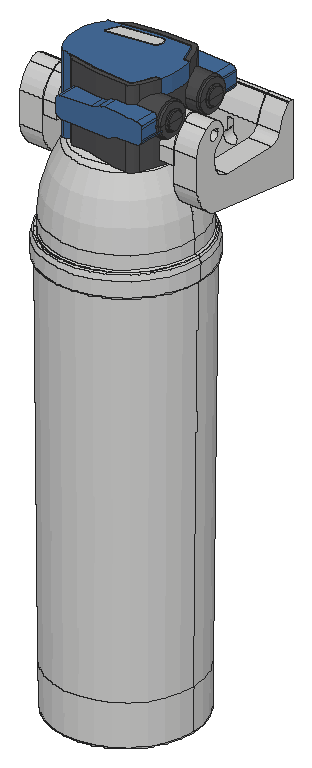
Revit family "QF_Vivreau_PURITY C300 Quell ST Advanced", category Specialty Equipment, Revit 2020
Family settings
  Round Connector Dimension = Use Diameter
  Part Type = Normal
  OmniClass Number = 23.40.40.14.24
  OmniClass Title = Food Dispensing Equipment
  Work Plane-Based = No
  Always vertical = Yes
  Cut with Voids When Loaded = No
  Shared = No
  Room Calculation Point = No
Parameters
  Width = 0' - 4 87/128"  # constant formula
  Weight in Pounds = 6.17
  Wall Bracket Location [instance] = if(Wall Bracket, 0' 0 15/16", 0' 0")  # 0' - 0 15/16"
  Wall Bracket [instance] = yes
  URL Cutsheet = "https://vivreauwater.com/wp-content/uploads/2024/06/Datasheet_VIVREAU_PURITY_C_Quell_ST_Advanced.pdf"
  URL = "https://vivreauwater.com/products/purity-c-quell-st-advanced/"
  Status = ""
  Specification by User [instance] = ""
  Specification by Manufacturer = "(1054236) Vivreau Purity C300  Quell ST ADVANCED Filter Exchange cartridge, up to 1,057 gallon capacity, catalytic carbon, ion exchange for scale, chloramine protection, taste & odor NSF (NET)"
  Serial Number [instance] = ""
  Seismic Rating = ""
  SMACNA No = ""
  Revision Code = ""
  Plumbing Remarks = ""
  Plumbing Connection Type = "NPT"
  NAFEM Spec ID Number = ""
  Mounting Height [instance] = 3' - 0"
  Model = "PURITY C300 Quell ST Advanced"
  Masterspec = "Division 11"
  Manufacturer = "Vivreau"
  Item Number [instance] = ""
  Installed By [instance] = ""
  Identify Quantity as Lot = yes
  Height = 1' - 6 67/256"  # constant formula
  Furnished By [instance] = ""
  Foodservice Equipment Identifier = yes
  Description = "Water Filter"
  Depth = 0' - 4 11/16"  # constant formula
  Default Elevation = 0' - 0"
  Cold Water Temperature Recommended = 40 °F
  Cold Water Size = 1/2"
  Cold Water RI Height = 0' - 0"
  Cold Water Minimum Pressure = 29.00 psi
  Cold Water Maximum Pressure = 124.00 psi
  Cold Water Flow = 0.264 GPM
  Cold Water Connection Height = 1' - 5 1/2"
  CSI MasterFormat = "11 46 00"
  Assembly Code = "E1090320"
Reference planes (in)
  plane 1 "BACK": y = 0
  plane 2 "REF. LAYER": z = 0
  plane 3 "Center (Left/Right)": x = 2.125
  plane 4 "Center (Front/Back)": y = -2.125
  plane 5 "Center (Bottom/Top)": z = 43.78488
  plane 6 "Center F/C": z = 54.26172
  plane 7 "Center F/G": z = 52.44396
  plane 8 "Center F/I": z = 53.35969
  plane 9 "Center F/J": x = 4.31004
  plane 10 "Center F/K": y = 0.9375
  plane 11 "Center F/P": z = 36
  plane 12 "Center F/Q": x = -0.21556
  plane 13 "Center F/R": x = 4.46413
  plane 14 "Center F/S": y = -4.47719
  plane 15 "Center F/T": y = 0.21031
Forms (in)
  Revolve 1, solid, material "QF_Plastic-Grey-Vivreau"
    sketch origin (0, -2.125, 0) x (1, 0, 0) y (0, 0, 1)
      loop
        arc (2.12444, 36.20067) -> (3.14226, 36.28114) -> (4.1161, 36.58781) r 4.52345
        line (4.1161, 36.58781) -> (4.1161, 36.02069)
        arc (4.1161, 36.02069) -> (4.12216, 36.00606) -> (4.13679, 36) r 0.02069
        line (4.13679, 36) -> (4.22048, 36)
        arc (4.22048, 36) -> (4.23515, 36.00604) -> (4.24132, 36.02067) r 0.02085
        line (4.24132, 36.02067) -> (4.25232, 37.28062) -> (4.35187, 48.65354) -> (4.44341, 48.65354)
        arc (4.44341, 48.65354) -> (4.45739, 48.65937) -> (4.4631, 48.6734) r 0.01969
        line (4.4631, 48.6734) -> (4.45911, 49.12992) -> (4.4145, 49.29759)
        arc (4.4145, 49.29759) -> (4.40044, 49.31864) -> (4.37647, 49.32677) r 0.03937
        line (4.37647, 49.32677) -> (4.32447, 49.32677)
        arc (4.32447, 49.32677) -> (4.29676, 49.33818) -> (4.2851, 49.3658) r 0.03937
        line (4.2851, 49.3658) -> (4.28162, 49.76465)
        arc (4.28162, 49.76465) -> (4.12884, 50.79056) -> (3.70018, 51.73506) r 3.74016
        arc (3.70018, 51.73506) -> (3.64338, 51.80528) -> (3.57207, 51.86071) r 0.3937
        arc (3.57207, 51.86071) -> (3.47576, 51.91658) -> (3.37727, 51.9685) r 2.75591
        line (3.37727, 51.9685) -> (3.02328, 51.9685) -> (3.02328, 52.44396) -> (2.12444, 52.44396) -> (2.12444, 36.20067)
      axis (2.12444, 52.44396) -> (2.12444, 36)
    angle from 0 to 360
Lines and regions (in)
  symbolic lines
    curve 1: arc (3.61825, -0.32949, 0) -> (1.55846, 0.14055, 0) -> (-0.03764, -1.24371, 0) r 2.33531
    curve 2: arc (4.31004, -2.94918, 0) -> (4.46031, -2.125, 0) -> (4.31004, -1.30082, 0) r 2.33531
    curve 3: arc (-0.10876, -2.8495, 0) -> (1.467, -4.37924, 0) -> (3.61825, -3.93739, 0) r 2.34831
Dimensions and locks (in)
  plane 4 "Center (Front/Back)" to plane 1 "BACK" = 0' - 2 1/8"
  plane 8 "Center F/I" to plane 7 "Center F/G" to plane 5 "Center (Bottom/Top)" to plane 11 "Center F/P" = 0' - 0.91573" locked, 0' - 8.65907" locked, 0' - 7.78488" locked
  "Wall Bracket Location": plane 1 "BACK" to plane 10 "Center F/K"
  "Height": plane 6 "Center F/C" to plane 11 "Center F/P"
  "Mounting Height": plane 11 "Center F/P" to plane 2 "REF. LAYER"
  "Width": plane 12 "Center F/Q" to plane 13 "Center F/R"
  "Depth": plane 15 "Center F/T" to plane 14 "Center F/S"
  aligned and locked: level to plane 2 "REF. LAYER"
  aligned and locked: plane 10 "Center F/K" to nested 2
  aligned and locked: plane 4 "Center (Front/Back)" to nested 1
  aligned and locked: plane 7 "Center F/G" to Revolve 1 sketch curve
Automatic sketch dimensions
  plane 12 "Center F/Q" to Revolve 1 sketch curve = 0' - 0.75717"
  Revolve 1 sketch curve to plane 3 "Center (Left/Right)" = 0' - 0.00056"  (x2)
  plane 3 "Center (Left/Right)" to Revolve 1 sketch curve = 0' - 0.01645"
  plane 3 "Center (Left/Right)" to Revolve 1 sketch curve = 0' - 0.15414"
  plane 3 "Center (Left/Right)" to Revolve 1 sketch curve = 0' - 0.89828"
  Revolve 1 sketch curve to Revolve 1 sketch curve = 0' - 0.34442"
  Revolve 1 sketch curve to Revolve 1 sketch curve = 0' - 0.35399"
  Revolve 1 sketch curve to plane 9 "Center F/J" = 0' - 0.19394"
  Revolve 1 sketch curve to Revolve 1 sketch curve = 0' - 0.02069"
  plane 11 "Center F/P" to Revolve 1 sketch curve = 0' - 0.02085"
  Revolve 1 sketch curve to Revolve 1 sketch curve = 0' - 0.08369"
  plane 11 "Center F/P" to Revolve 1 sketch curve = 0' - 0.02067"
  Revolve 1 sketch curve to plane 9 "Center F/J" = 0' - 0.02842"
  Revolve 1 sketch curve to plane 9 "Center F/J" = 0' - 0.02493"
  plane 9 "Center F/J" to Revolve 1 sketch curve = 0' - 0.01443"
  plane 9 "Center F/J" to Revolve 1 sketch curve = 0' - 0.04183"
  Revolve 1 sketch curve to Revolve 1 sketch curve = 0' - 0.052"
  Revolve 1 sketch curve to Revolve 1 sketch curve = 0' - 0.03803"
  Revolve 1 sketch curve to plane 13 "Center F/R" = 0' - 0.02072"
  Revolve 1 sketch curve to plane 13 "Center F/R" = 0' - 0.00103"
  plane 11 "Center F/P" to Revolve 1 sketch curve = 0' - 0.20067"
  Revolve 1 sketch curve to Revolve 1 sketch curve = 0' - 0.56712"
  Revolve 1 sketch curve to plane 7 "Center F/G" = 0' - 3.79041"
  Revolve 1 sketch curve to Revolve 1 sketch curve = 0' - 0.01969"
  Revolve 1 sketch curve to Revolve 1 sketch curve = 0' - 0.61417"
  Revolve 1 sketch curve to Revolve 1 sketch curve = 0' - 0.01019"
  Revolve 1 sketch curve to Revolve 1 sketch curve = 0' - 0.03903"
  Revolve 1 sketch curve to Revolve 1 sketch curve = 0' - 0.13942"
  Revolve 1 sketch curve to Revolve 1 sketch curve = 0' - 0.22679"
  Revolve 1 sketch curve to Revolve 1 sketch curve = 0' - 0.39885"
  Revolve 1 sketch curve to plane 7 "Center F/G" = 0' - 0.91974"
  Revolve 1 sketch curve to plane 7 "Center F/G" = 0' - 0.47545"
  Revolve 1 sketch curve to Revolve 1 sketch curve = 0' - 0"
  Revolve 1 sketch curve to plane 9 "Center F/J" = 0' - 0.05772"
  Revolve 1 sketch curve to plane 13 "Center F/R" = 0' - 0.00502"
  Revolve 1 sketch curve to plane 11 "Center F/P" = 0' - 2.2815"
  Revolve 1 sketch curve to Revolve 1 sketch curve = 0' - 0.69281"
  Revolve 1 sketch curve to Revolve 1 sketch curve = 0' - 0.16767"
  Revolve 1 sketch curve to Revolve 1 sketch curve = 0' - 0 3/4"
  curve 1 to curve 2 = 0' - 0"
  curve 1 to curve 3 = 0' - 0"  (x2)
  curve 2 to curve 3 = 0' - 0"
  curve 2 to plane 3 "Center (Left/Right)" = 0' - 0"
  curve 2 to plane 9 "Center F/J" = 0' - 0"  (x2)
  plane 4 "Center (Front/Back)" to curve 1 = 0' - 0"
  plane 12 "Center F/Q" to curve 1 = 0' - 0.17792"
  plane 12 "Center F/Q" to curve 3 = 0' - 0.1068"
  curve 3 to curve 2 = 0' - 0.69178"
  plane 1 "BACK" to curve 1 = 0' - 0.32949"
  curve 1 to curve 2 = 0' - 0.69178"
  plane 4 "Center (Front/Back)" to curve 2 = 0' - 0.82418"
  Revolve 1 sketch curve to plane 11 "Center F/P" = 0' - 0"
  curve 3 to plane 14 "Center F/S" = 0' - 0.5398"
Nested families (in)
  nested 1: "QF_Vivreau_ Filter Head_C300" at (0.56167, -0.22503, 0), Mounting Height <- "Mounting Height", type "QF_Vivreau_ Filter Head_C300"
    with Specification by User "", Serial Number "", Mounting Height 3' - 0", Installed By "", Furnished By ""
  nested 2: "QF_Vivreau_Wall Bracket_C300" at (-0.61927, 0.9375, 0), Mounting Height <- "Mounting Height", visible <- "Wall Bracket", type "QF_Vivreau_Wall Bracket_C300"
    with Specification by User "", Serial Number "", Mounting Height 3' - 0", Installed By "", Furnished By ""
Connectors (in)
  piping at (4.31004, -2.9124, 53.40625), diameter 0.5, driven by "Cold Water Size", driven by "Cold Water Flow"
    settings: on nested 1, index 1, connector inside diameter 24", connector length 0' - 0", flow factor 0, pipe flow 0.264 GPM, pressure drop 0.00 psi, fitting loss kfactor 0, connector angle 0.00°, fixture units 0, engagement length 0' - 0", angle of deflection 0.00°, flow configuration 1, flow direction 1, fitting loss method 0, system type 20, joint type 0, gender type 0, connector reference index -1, connector utility 0, adjustable connector no, is connector primary yes, connector description "Cold Water"
Definition of nested family "QF_Vivreau_ Filter Head_C300"
  Parameters (values of type "QF_Vivreau_ Filter Head_C300")
    Width = 3' - 0"
    Weight in Pounds = 0
    URL Cutsheet = ""
    Status = ""
    Specification by User [instance] = ""
    Specification by Manufacturer = ""
    Serial Number [instance] = ""
    Seismic Rating = ""
    SMACNA No = ""
    Revision Code = ""
    NAFEM Spec ID Number = ""
    Mounting Height [instance] = 3' - 0"
    Masterspec = ""
    Installed By [instance] = ""
    Identify Quantity as Lot = yes
    Height = 3' - 0"
    Furnished By [instance] = ""
    Foodservice Equipment Identifier = yes
    Depth = 3' - 0"
    Default Elevation = 0' - 0"
    CSI MasterFormat = ""
  Reference planes (in)
    plane 1 "BACK": y = 0
    plane 2 "REF. LAYER": z = 0
    plane 3 "LEFT": x = 0
    plane 4 "Center F/C": x = 3.74837
    plane 5 "Center F/D": y = -3.83618
    plane 6 "Center F/E": z = 53.40625
    plane 7 "Center F/F": z = 54.26113
    plane 8 "Center F/G": z = 51.83732
    plane 9 "Center F/H": z = 52.93291
    plane 10 "Center F/I": z = 53.761
    plane 11 "Center F/J": y = -1.89997
    plane 12 "Center F/N": z = 36
    plane 13 "Center F/O": z = 54.11833
  Forms (in)
    Extrusion 1, solid
      sketch origin (-0.56167, 0.22503, 0) x (1, 0, 0) y (0, 1, 0)
        loop
          arc (3.17939, -3.30146) -> (3.22697, -3.28602) -> (3.25911, -3.24769) r 0.09059
          arc (3.25911, -3.24769) -> (3.55796, -2.125) -> (3.25911, -1.00231) r 2.25819
          arc (3.25911, -1.00231) -> (3.22697, -0.96398) -> (3.17939, -0.94854) r 0.09059
          arc (3.17939, -0.94854) -> (2.02567, -0.99526) -> (0.89165, -1.21272) r 7.75678
          arc (0.89165, -1.21272) -> (0.86179, -1.21999) -> (0.83702, -1.2382) r 0.07824
          arc (0.83702, -1.2382) -> (0.56167, -2.125) -> (0.83702, -3.0118) r 1.56569
          arc (0.83702, -3.0118) -> (0.86179, -3.03001) -> (0.89165, -3.03728) r 0.07824
          arc (0.89165, -3.03728) -> (2.02567, -3.25474) -> (3.17939, -3.30146) r 7.75678
      from 51.83732 to 54.26113
    Revolve 2, solid
      sketch origin (-16.04659, -180, 53.40625) x (-1, 0, 0) y (0, -1, 0)
        loop
          line (-19.59812, -178.88743) -> (-18.72075, -178.88743) -> (-18.7668, -178.36111) -> (-19.59812, -178.37562) -> (-19.59812, -178.88743)
        axis (-18.72075, -178.88743) -> (-19.59812, -178.88743)
      angle from 0 to 360
    Revolve 3, solid
      sketch origin (-16.04659, -180, 53.40625) x (-1, 0, 0) y (0, -1, 0)
        loop
          line (-19.59812, -177.31262) -> (-18.72075, -177.31262) -> (-18.7668, -176.7863) -> (-19.59812, -176.80081) -> (-19.59812, -177.31262)
        axis (-18.72075, -177.31262) -> (-19.59812, -177.31262)
      angle from 0 to 360
    Extrusion 4, void
      sketch origin (-0.56167, 0.22503, 0) x (0, 1, 0) y (0, 0, 1)
        loop
          circle (-2.125, 52.87475) r 0.20757
      from 3.17075 to 3.70744
    Extrusion 5, void
      sketch origin (-2.8954, 0.22503, 0) x (0, 1, 0) y (0, 0, 1)
        loop
          circle (-2.125, 52.87475) r 0.20757
      from 2.77402 to 3.28855
    Revolve 6, solid
      sketch origin (-16.04659, -180, 53.40625) x (-1, 0, 0) y (0, -1, 0)
        loop
          line (-19.59812, -178.88743) -> (-19.59812, -178.41499) -> (-19.69654, -178.41499) -> (-19.69654, -178.58034) -> (-19.73591, -178.58379) -> (-19.73591, -178.63349) -> (-19.79497, -178.63349) -> (-19.79497, -178.88743) -> (-19.59812, -178.88743)
        axis (-19.59812, -178.88743) -> (-19.79497, -178.88743)
      angle from 0 to 360
    Revolve 7, solid
      sketch origin (-16.04659, -180, 53.40625) x (-1, 0, 0) y (0, -1, 0)
        loop
          line (-19.59812, -177.31262) -> (-19.59812, -176.84018) -> (-19.69654, -176.84018) -> (-19.69654, -177.00554) -> (-19.73591, -177.00898) -> (-19.73591, -177.05869) -> (-19.79497, -177.05869) -> (-19.79497, -177.31262) -> (-19.59812, -177.31262)
        axis (-19.59812, -177.31262) -> (-19.79497, -177.31262)
      angle from 0 to 360
    Extrusion 8, solid
      sketch origin (0, 0, 0) x (0, 1, 0) y (0, 0, 1)
        loop
          circle (-1.89997, 52.87475) r 0.20757
        loop
          circle (-1.89997, 52.87475) r 0.14507
      from 2.60908 to 3.01441
    Extrusion 9, solid
      sketch origin (-2.62125, 0, 0) x (0, 1, 0) y (0, 0, 1)
        loop
          circle (-1.89997, 52.87475) r 0.20757
        loop
          circle (-1.89997, 52.87475) r 0.14507
      from 2.60908 to 3.01441
    Extrusion 10, solid
      sketch origin (0, 0, 10.75) x (1, 0, 0) y (0, 1, 0)
        loop
          arc (2.61773, -0.72352) -> (2.65703, -0.73399) -> (2.68778, -0.7606) r 0.09059
          arc (2.68778, -0.7606) -> (2.99629, -1.89997) -> (2.68778, -3.03935) r 2.25819
          arc (2.68778, -3.03935) -> (2.65703, -3.06596) -> (2.61773, -3.07643) r 0.09059
          arc (2.61773, -3.07643) -> (1.60555, -3.04475) -> (0.60613, -2.88147) r 7.75678
          arc (0.60613, -2.88147) -> (0.72009, -2.98959) -> (0.8462, -3.08325) r 1.30616
          arc (0.8462, -3.08325) -> (1.72654, -3.2138) -> (2.6163, -3.23254) r 7.05821
          arc (2.6163, -3.23254) -> (2.77551, -3.16312) -> (2.87152, -3.01839) r 0.30684
          arc (2.87152, -3.01839) -> (3.18694, -1.89997) -> (2.87152, -0.78156) r 2.14057
          arc (2.87152, -0.78156) -> (2.77551, -0.63683) -> (2.6163, -0.5674) r 0.30684
          arc (2.6163, -0.5674) -> (1.72654, -0.58614) -> (0.8462, -0.7167) r 7.05821
          arc (0.8462, -0.7167) -> (0.72009, -0.81036) -> (0.60613, -0.91847) r 1.30616
          arc (0.60613, -0.91847) -> (1.60555, -0.7552) -> (2.61773, -0.72352) r 7.75678
      from 41.08732 to 43.51113
    Extrusion 11, void
      sketch origin (0, 0, 10.75) x (1, 0, 0) y (0, 1, 0)
        loop
          arc (2.92876, -1.35185) -> (2.99629, -1.89997) -> (2.92876, -2.4481) r 2.25819
          line (2.92876, -2.4481) -> (3.11557, -2.4481)
          arc (3.11557, -2.4481) -> (3.18694, -1.89997) -> (3.11557, -1.35185) r 2.14057
          line (3.11557, -1.35185) -> (2.92876, -1.35185)
      from 43.011 to 43.51113
    Extrusion 12, solid
      sketch origin (0, 0, 10.75) x (1, 0, 0) y (0, 1, 0)
        loop
          arc (0.70049, -1.02146) -> (0.59462, -1.21203) -> (0.51669, -1.41563) r 1.54109
          arc (0.51669, -1.41563) -> (0.54, -1.44367) -> (0.57618, -1.44818) r 0.04958
          arc (0.57618, -1.44818) -> (1.21574, -1.31536) -> (1.86503, -1.24405) r 6.85047
          arc (1.86503, -1.24405) -> (2.03249, -1.03201) -> (1.82552, -0.85833) r 0.19395
          arc (1.82552, -0.85833) -> (1.26009, -0.91975) -> (0.70049, -1.02146) r 7.94315
      from 43.36833 to 43.51113
    Extrusion 13, solid
      sketch origin (0, 0, 10.75) x (1, 0, 0) y (0, 1, 0)
        loop
          arc (3.11557, -2.4481) -> (3.18694, -1.89997) -> (3.11557, -1.35185) r 2.14057
          line (3.11557, -1.35185) -> (2.92876, -1.35185)
          arc (2.92876, -1.35185) -> (2.99629, -1.89997) -> (2.92876, -2.4481) r 2.25819
          line (2.92876, -2.4481) -> (3.11557, -2.4481)
      from 43.011 to 43.51113
    Extrusion 14, void
      sketch origin (0, 0, 7.83203) x (1, 0, 0) y (0, 1, 0)
        loop
          arc (0.57618, -1.44818) -> (1.21574, -1.31536) -> (1.86503, -1.24405) r 6.85047
          arc (1.86503, -1.24405) -> (2.03249, -1.03201) -> (1.82552, -0.85833) r 0.19395
          arc (1.82552, -0.85833) -> (1.26009, -0.91975) -> (0.70049, -1.02146) r 7.94315
          arc (0.70049, -1.02146) -> (0.59462, -1.21203) -> (0.51669, -1.41563) r 1.54109
          arc (0.51669, -1.41563) -> (0.54, -1.44367) -> (0.57618, -1.44818) r 0.04958
      from 46.28629 to 46.4291
  Cuts and joins
    Extrusion 4, Extrusion 5, Extrusion 14 cuts Extrusion 1
    joined: Extrusion 1, Extrusion 13
    Extrusion 11 cuts Extrusion 10
  Lines and regions (in)
    symbolic lines
      curve 1: arc (0.32999, -2.81225, 0) -> (1.464, -3.02972, 0) -> (2.61773, -3.07643, 0) r 7.75678
      curve 2: arc (2.61773, -3.07643, 0) -> (2.6653, -3.061, 0) -> (2.69744, -3.02266, 0) r 0.09059
      curve 3: arc (2.69744, -3.02266, 0) -> (2.99629, -1.89997, 0) -> (2.69744, -0.77728, 0) r 2.25819
      curve 4: arc (2.69744, -0.77728, 0) -> (2.6653, -0.73895, 0) -> (2.61773, -0.72352, 0) r 0.09059
      curve 5: arc (2.61773, -0.72352, 0) -> (1.464, -0.77023, 0) -> (0.32999, -0.9877, 0) r 7.75678
      curve 6: arc (0.32999, -0.9877, 0) -> (0.30012, -0.99496, 0) -> (0.27535, -1.01317, 0) r 0.07824
      curve 7: arc (0.27535, -1.01317, 0) -> (0, -1.89997, 0) -> (0.27535, -2.78678, 0) r 1.56569
      curve 8: arc (0.27535, -2.78678, 0) -> (0.30012, -2.80499, 0) -> (0.32999, -2.81225, 0) r 0.07824
      curve 9: line (3.74837, -2.94131, 0) -> (3.68932, -2.94131, 0)
      curve 10: arc (0.85161, -0.6986, 0) -> (0.82653, -0.78661, 0) -> (0.80424, -0.87538, 0) r 2.89017
      curve 11: arc (0.85161, -0.6986, 0) -> (0.87512, -0.61425, 0) -> (0.90582, -0.53225, 0) r 1.0142
      curve 12: arc (0.90582, -0.53225, 0) -> (0.95826, -0.37458, 0) -> (1.01402, -0.21806, 0) r 7.87402
      curve 13: arc (1.01402, -0.21806, 0) -> (1.03304, -0.19156, 0) -> (1.06321, -0.17918, 0) r 0.05912
      curve 14: arc (1.06321, -0.17918, 0) -> (2.22788, -0.07327, 0) -> (3.39529, -0.1428, 0) r 7.79531
      curve 15: arc (3.39529, -0.1428, 0) -> (3.42859, -0.1583, 0) -> (3.44724, -0.18996, 0) r 0.0619
      curve 16: arc (3.44724, -0.18996, 0) -> (3.48188, -0.39473, 0) -> (3.50801, -0.60076, 0) r 5.02104
      curve 17: line (3.64995, -0.64013, 0) -> (3.55152, -0.64013, 0)
      curve 18: line (3.55152, -0.64013, 0) -> (3.55152, -0.60076, 0)
      curve 19: line (3.55152, -0.60076, 0) -> (3.50801, -0.60076, 0)
      curve 20: line (3.55152, -0.64013, 0) -> (3.55152, -1.62438, 0)
      curve 21: line (3.55152, -1.62438, 0) -> (2.98062, -1.63435, 0)
      curve 22: line (3.64995, -1.58501, 0) -> (3.55152, -1.58501, 0)
      curve 23: line (3.64995, -1.58501, 0) -> (3.64995, -0.64013, 0)
      curve 24: line (3.68932, -1.41621, 0) -> (3.64995, -1.41966, 0)
      curve 25: line (3.68932, -1.41621, 0) -> (3.68932, -0.80849, 0)
      curve 26: line (3.74837, -0.85864, 0) -> (3.68932, -0.85864, 0)
      curve 27: line (3.74837, -0.85864, 0) -> (3.74837, -1.36651, 0)
      curve 28: line (3.74837, -1.36651, 0) -> (3.68932, -1.36651, 0)
      curve 29: line (3.64995, -3.15982, 0) -> (3.55152, -3.15982, 0)
      curve 30: line (3.55152, -3.15982, 0) -> (3.55152, -3.19919, 0)
      curve 31: line (3.55152, -3.19919, 0) -> (3.50801, -3.19919, 0)
      curve 32: line (3.55152, -3.15982, 0) -> (3.55152, -2.17556, 0)
      curve 33: line (3.64995, -2.21493, 0) -> (3.55152, -2.21493, 0)
      curve 34: line (3.64995, -2.21493, 0) -> (3.64995, -3.15982, 0)
      curve 35: line (3.68932, -2.38373, 0) -> (3.64995, -2.38029, 0)
      curve 36: line (3.68932, -2.38373, 0) -> (3.68932, -2.99146, 0)
      curve 37: line (3.74837, -2.94131, 0) -> (3.68932, -2.94131, 0)
      curve 38: line (3.74837, -2.94131, 0) -> (3.74837, -2.43344, 0)
      curve 39: line (3.74837, -2.43344, 0) -> (3.68932, -2.43344, 0)
      curve 40: arc (0.85161, -3.10135, 0) -> (0.82653, -3.01334, 0) -> (0.80424, -2.92457, 0) r 2.89017
      curve 41: arc (0.85161, -3.10135, 0) -> (0.87512, -3.1857, 0) -> (0.90582, -3.2677, 0) r 1.0142
      curve 42: arc (0.90582, -3.2677, 0) -> (0.95826, -3.42537, 0) -> (1.01402, -3.58189, 0) r 7.87402
      curve 43: arc (1.01402, -3.58189, 0) -> (1.03304, -3.60839, 0) -> (1.06321, -3.62077, 0) r 0.05912
      curve 44: arc (1.06321, -3.62077, 0) -> (2.22788, -3.72667, 0) -> (3.39529, -3.65715, 0) r 7.79531
      curve 45: arc (3.39529, -3.65715, 0) -> (3.42859, -3.64164, 0) -> (3.44724, -3.60999, 0) r 0.0619
      curve 46: arc (3.44724, -3.60999, 0) -> (3.48188, -3.40522, 0) -> (3.50801, -3.19919, 0) r 5.02104
      curve 47: line (3.55152, -3.15982, 0) -> (3.55152, -3.19919, 0)
      curve 48: line (3.55152, -3.19919, 0) -> (3.50801, -3.19919, 0)
      curve 49: line (3.55152, -3.15982, 0) -> (3.55152, -2.17556, 0)
      curve 50: line (3.55152, -2.17556, 0) -> (2.98062, -2.1656, 0)
      curve 51: line (0, 0, 0) -> (3.74837, 0, 0)
      curve 52: line (0, -1.89997, 0) -> (2.99629, -1.89997, 0)
      curve 53: line (3.64995, -0.80549, 0) -> (3.68932, -0.80849, 0)
      curve 54: line (3.64995, -2.99446, 0) -> (3.68932, -2.99146, 0)
  Dimensions and locks (in)
    plane 7 "Center F/F" to plane 10 "Center F/I" to plane 6 "Center F/E" to plane 9 "Center F/H" to plane 8 "Center F/G" = 0' - 0.50013" locked, 0' - 0.35475" locked, 0' - 0.47334" locked, 0' - 1.09559" locked
    plane 5 "Center F/D" to plane 11 "Center F/J" to plane 1 "BACK" = 0' - 1.93621" locked, 0' - 1.89997" locked
    locked: plane 6 "Center F/E" to nested 1 at 0.05953
    locked: plane 8 "Center F/G" to plane 12 "Center F/N" at 15.83732
    "Mounting Height": plane 12 "Center F/N" to plane 2 "REF. LAYER"
    locked: plane 7 "Center F/F" to plane 13 "Center F/O" at 0.14281
    aligned and locked: level to plane 2 "REF. LAYER"
    aligned and locked: plane 7 "Center F/F" to cut or joined group of Extrusion 1, Extrusion 4, Extrusion 5, Extrusion 13, Extrusion 14
    aligned and locked: cut or joined group of Extrusion 1, Extrusion 4, Extrusion 5, Extrusion 13, Extrusion 14 to plane 8 "Center F/G"
    aligned and locked: nested 1 to plane 11 "Center F/J"
    aligned and locked: plane 11 "Center F/J" to nested 1
    aligned and locked: Extrusion 10 to plane 8 "Center F/G"
    aligned and locked: Extrusion 13 to plane 10 "Center F/I"
    aligned and locked: Extrusion 11 to plane 10 "Center F/I"
    aligned and locked: plane 7 "Center F/F" to Extrusion 10
    aligned and locked: plane 7 "Center F/F" to Extrusion 13
    aligned and locked: plane 7 "Center F/F" to Extrusion 11
    aligned and locked: plane 7 "Center F/F" to Extrusion 14
    aligned and locked: Extrusion 12 to plane 13 "Center F/O"
    aligned and locked: plane 7 "Center F/F" to Extrusion 12
    aligned and locked: Extrusion 14 to plane 13 "Center F/O"
  Automatic sketch dimensions
    curve 51 to level = 0' - 0"
    curve 51 to plane 3 "LEFT" = 0' - 0"
    curve 51 to plane 4 "Center F/C" = 0' - 0"
    curve 52 to plane 3 "LEFT" = 0' - 0"
    plane 11 "Center F/J" to curve 3 = 0' - 0"
    plane 11 "Center F/J" to curve 7 = 0' - 0"
    plane 11 "Center F/J" to curve 52 = 0' - 0"
    curve 39 to plane 4 "Center F/C" = 0' - 0"
    curve 28 to plane 4 "Center F/C" = 0' - 0"
    curve 16 to plane 3 "LEFT" = 0' - 1.48511"
    curve 46 to plane 3 "LEFT" = 0' - 1.48511"
    plane 3 "LEFT" to curve 8 = 0' - 0.33318"
    plane 3 "LEFT" to curve 6 = 0' - 0.33318"
    plane 3 "LEFT" to curve 3 = 0' - 0.7381"
    plane 1 "BACK" to curve 13 = 0' - 0.23795"
    plane 3 "LEFT" to curve 13 = 0' - 1.0697"
    curve 43 to plane 5 "Center F/D" = 0' - 0.27418"
    plane 3 "LEFT" to curve 43 = 0' - 1.0697"
    curve 3 to curve 7 = 0' - 0.82759"
    curve 7 to curve 11 = 0' - 0.27372"
    curve 7 to curve 41 = 0' - 0.27372"
    curve 14 to plane 4 "Center F/C" = 0' - 1.39888"
    curve 44 to plane 4 "Center F/C" = 0' - 1.39888"
    curve 44 to curve 1 = 0' - 0.00431"
    curve 14 to curve 5 = 0' - 0.00431"
    curve 41 to curve 2 = 0' - 0.77523"
    curve 11 to curve 4 = 0' - 0.77523"
    plane 1 "BACK" to curve 15 = 0' - 0.20414"
    curve 15 to plane 4 "Center F/C" = 0' - 0.36139"
    curve 45 to plane 4 "Center F/C" = 0' - 0.36139"
    curve 48 to plane 4 "Center F/C" = 0' - 0.24036"
    curve 19 to plane 4 "Center F/C" = 0' - 0.24036"
    curve 16 to curve 19 = 0' - 0.04351"
    curve 31 to curve 48 = 0' - 0.04351"
    curve 22 to curve 10 = 0' - 0.0667"
    curve 33 to curve 40 = 0' - 0.0667"
    curve 17 to curve 17 = 0' - 0.09843"
    curve 29 to curve 34 = 0' - 0.09843"
    curve 24 to curve 25 = 0' - 0.03937"
    curve 35 to curve 35 = 0' - 0.03937"
    plane 1 "BACK" to curve 42 = 0' - 0.86161"
    plane 4 "Center F/C" to curve 42 = 0' - 4.65484"
    curve 12 to plane 5 "Center F/D" = 0' - 0.89785"
    curve 12 to curve 42 = 0' - 0"
    curve 45 to plane 5 "Center F/D" = 0' - 0.24037"
    plane 5 "Center F/D" to curve 14 = 0' - 4.03145"
    curve 5 to curve 14 = 0' - 0.60817"
    curve 45 to curve 47 = 0' - 0.39662"
    curve 30 to curve 34 = 0' - 0.03937"
    curve 29 to curve 36 = 0' - 0.16836"
    curve 2 to plane 5 "Center F/D" = 0' - 0.85029"
    curve 36 to curve 9 = 0' - 0.05014"
    curve 2 to curve 41 = 0' - 0.11446"
    plane 11 "Center F/J" to curve 8 = 0' - 0.8341"
    plane 11 "Center F/J" to curve 46 = 0' - 0.77047"
    curve 9 to curve 39 = 0' - 0.50787"
    curve 39 to curve 36 = 0' - 0.04971"
    curve 35 to curve 40 = 0' - 0.11843"
    curve 40 to curve 34 = 0' - 0.05037"
    curve 33 to curve 49 = 0' - 0.03937"
    curve 21 to plane 11 "Center F/J" = 0' - 0.27559"
    curve 20 to curve 22 = 0' - 0.03937"
    curve 22 to curve 10 = 0' - 0.05037"
    curve 10 to curve 24 = 0' - 0.11843"
    curve 24 to curve 27 = 0' - 0.04971"
    curve 16 to plane 11 "Center F/J" = 0' - 0.77047"
    curve 6 to plane 11 "Center F/J" = 0' - 0.8341"
    plane 1 "BACK" to curve 11 = 0' - 0.92852"
    curve 27 to curve 26 = 0' - 0.50787"
    curve 11 to curve 4 = 0' - 0.11446"
    curve 26 to curve 25 = 0' - 0.05014"
    curve 25 to curve 17 = 0' - 0.16836"
    curve 17 to curve 19 = 0' - 0.03937"
    curve 44 to plane 1 "BACK" = 0' - 4.06768"
    curve 44 to curve 1 = 0' - 0.60817"
    curve 8 to curve 8 = 0' - 0.05783"
    curve 6 to curve 6 = 0' - 0.05783"
    curve 7 to curve 6 = 0' - 0.05464"
    curve 8 to curve 8 = 0' - 0.05464"
    curve 8 to curve 40 = 0' - 0.47425"
    curve 5 to curve 10 = 0' - 0.47425"
    curve 40 to curve 40 = 0' - 0.04737"
    curve 10 to curve 10 = 0' - 0.04737"
    curve 10 to curve 11 = 0' - 0.05421"
    curve 41 to curve 41 = 0' - 0.05421"
    curve 43 to curve 43 = 0' - 0.05568"
    curve 12 to curve 13 = 0' - 0.05568"
    curve 43 to curve 43 = 0' - 0.00649"
    curve 13 to curve 13 = 0' - 0.00649"
    curve 4 to curve 5 = 0' - 0"
    curve 2 to curve 1 = 0' - 0"
    curve 2 to curve 2 = 0' - 0.08279"
    curve 21 to plane 11 "Center F/J" = 0' - 0 17/64"
    plane 11 "Center F/J" to curve 50 = 0' - 0 17/64"
    curve 15 to curve 14 = 0' - 0"
    curve 45 to curve 44 = 0' - 0"
    curve 54 to curve 36 = 0' - 0.00301"
    curve 35 to curve 35 = 0' - 0.00344"
    curve 24 to curve 24 = 0' - 0.00344"
    curve 25 to curve 53 = 0' - 0.00301"
    plane 11 "Center F/J" to Extrusion 1 sketch curve = 0' - 0"  (x2)
    plane 3 "LEFT" to Extrusion 1 sketch curve = 0' - 0.33318"  (x2)
    plane 3 "LEFT" to Extrusion 1 sketch curve = 0' - 0.7381"
    Extrusion 1 sketch curve to Extrusion 1 sketch curve = 0' - 0.82759"
    Extrusion 1 sketch curve to plane 4 "Center F/C" = 0' - 1.39457"  (x2)
    Extrusion 1 sketch curve to plane 4 "Center F/C" = 0' - 1.13373"  (x2)
    plane 11 "Center F/J" to Extrusion 1 sketch curve = 0' - 0.8341"
    Extrusion 1 sketch curve to plane 5 "Center F/D" = 0' - 0.85029"
    plane 5 "Center F/D" to Extrusion 1 sketch curve = 0' - 4.63962"
    Extrusion 1 sketch curve to plane 11 "Center F/J" = 0' - 0.8341"
    plane 1 "BACK" to Extrusion 1 sketch curve = 0' - 0.81406"
    Extrusion 1 sketch curve to plane 1 "BACK" = 0' - 4.67585"
    Extrusion 1 sketch curve to Extrusion 1 sketch curve = 0' - 0.0032"  (x2)
    Extrusion 1 sketch curve to Extrusion 1 sketch curve = 0' - 0.05464"  (x2)
    Extrusion 1 sketch curve to Extrusion 1 sketch curve = 0' - 0.00308"  (x2)
    Extrusion 1 sketch curve to Extrusion 1 sketch curve = 0' - 0"
    Extrusion 1 sketch curve to Extrusion 1 sketch curve = 0' - 0.08279"
    Revolve 2 sketch curve to plane 4 "Center F/C" = 0' - 0.19685"
    Revolve 2 sketch curve to plane 11 "Center F/J" = 0' - 0.26108"
    Revolve 2 sketch curve to Revolve 2 sketch curve = 0' - 0.83132"
    Revolve 2 sketch curve to Revolve 2 sketch curve = 0' - 0.04605"
    Revolve 2 sketch curve to plane 11 "Center F/J" = 0' - 0.27559"
    Revolve 2 sketch curve to Revolve 2 sketch curve = 0' - 0.52632"
    Revolve 2 sketch curve to Revolve 2 sketch curve = 0' - 0"  (x3)
    Revolve 3 sketch curve to plane 4 "Center F/C" = 0' - 0.19685"
    Revolve 3 sketch curve to Revolve 3 sketch curve = 0' - 0.83132"
    Revolve 3 sketch curve to Revolve 3 sketch curve = 0' - 0.04605"
    plane 11 "Center F/J" to Revolve 3 sketch curve = 0' - 0.7874"
    Revolve 3 sketch curve to Revolve 3 sketch curve = 0' - 0.51181"
    Revolve 3 sketch curve to Revolve 3 sketch curve = 0' - 0.52632"
    Revolve 3 sketch curve to Revolve 3 sketch curve = 0' - 0"  (x3)
    Extrusion 4 sketch curve to plane 11 "Center F/J" = 0' - 0"
    Extrusion 4 sketch curve to plane 9 "Center F/H" = 0' - 0.05816"
    Extrusion 5 sketch curve to plane 11 "Center F/J" = 0' - 0"
    Extrusion 5 sketch curve to plane 9 "Center F/H" = 0' - 0.05816"
    Revolve 6 sketch curve to plane 4 "Center F/C" = 0' - 0"
    Revolve 6 sketch curve to plane 4 "Center F/C" = 0' - 0.05906"
    Revolve 6 sketch curve to Revolve 6 sketch curve = 0' - 0.03937"
    Revolve 6 sketch curve to Revolve 6 sketch curve = 0' - 0.09843"
    Revolve 6 sketch curve to plane 11 "Center F/J" = 0' - 0.7874"
    Revolve 6 sketch curve to Revolve 6 sketch curve = 0' - 0.25394"
    Revolve 6 sketch curve to Revolve 6 sketch curve = 0' - 0.04971"
    Revolve 6 sketch curve to Revolve 6 sketch curve = 0' - 0.00344"
    Revolve 6 sketch curve to Revolve 6 sketch curve = 0' - 0.16535"
    Revolve 6 sketch curve to Revolve 6 sketch curve = 0' - 0.0902"
    Revolve 6 sketch curve to Revolve 6 sketch curve = 0' - 0"  (x2)
    Revolve 7 sketch curve to plane 4 "Center F/C" = 0' - 0"
    Revolve 7 sketch curve to plane 4 "Center F/C" = 0' - 0.05906"
    Revolve 7 sketch curve to Revolve 7 sketch curve = 0' - 0.03937"
    Revolve 7 sketch curve to Revolve 7 sketch curve = 0' - 0.09843"
    plane 11 "Center F/J" to Revolve 7 sketch curve = 0' - 0.7874"
    Revolve 7 sketch curve to Revolve 7 sketch curve = 0' - 0.25394"
    Revolve 7 sketch curve to Revolve 7 sketch curve = 0' - 0.04971"
    Revolve 7 sketch curve to Revolve 7 sketch curve = 0' - 0.00344"
    Revolve 7 sketch curve to Revolve 7 sketch curve = 0' - 0.16535"
    Revolve 7 sketch curve to Revolve 7 sketch curve = 0' - 0.0902"
    Revolve 7 sketch curve to Revolve 7 sketch curve = 0' - 0"  (x2)
    Extrusion 8 sketch curve to Extrusion 8 sketch curve = 0' - 0"  (x6)
    Extrusion 8 sketch curve to plane 11 "Center F/J" = 0' - 0"
    Extrusion 8 sketch curve to plane 9 "Center F/H" = 0' - 0.05816"
    Extrusion 8 sketch curve to Extrusion 8 sketch curve = 0' - 0.14507"
    Extrusion 9 sketch curve to Extrusion 9 sketch curve = 0' - 0"  (x6)
    Extrusion 9 sketch curve to plane 11 "Center F/J" = 0' - 0"
    Extrusion 9 sketch curve to plane 9 "Center F/H" = 0' - 0.05816"
    Extrusion 9 sketch curve to Extrusion 9 sketch curve = 0' - 0.14507"
    plane 11 "Center F/J" to Extrusion 10 sketch curve = 0' - 0"  (x2)
    plane 3 "LEFT" to Extrusion 10 sketch curve = 0' - 0.7381"
    Extrusion 10 sketch curve to Extrusion 10 sketch curve = 0' - 0.30827"
    plane 11 "Center F/J" to Extrusion 10 sketch curve = 0' - 0.08971"
    Extrusion 10 sketch curve to Extrusion 10 sketch curve = 0' - 0.5141"
    Extrusion 10 sketch curve to Extrusion 10 sketch curve = 0' - 0"  (x3)
    Extrusion 10 sketch curve to plane 4 "Center F/C" = 0' - 1.42862"  (x2)
    Extrusion 10 sketch curve to Extrusion 10 sketch curve = 0' - 0.03406"  (x2)
    Extrusion 10 sketch curve to plane 4 "Center F/C" = 0' - 1.1701"  (x2)
    Extrusion 10 sketch curve to Extrusion 10 sketch curve = 0' - 0.03637"  (x2)
    Extrusion 10 sketch curve to plane 5 "Center F/D" = 0' - 0.90812"
    Extrusion 10 sketch curve to Extrusion 10 sketch curve = 0' - 0.05782"  (x2)
    plane 5 "Center F/D" to Extrusion 10 sketch curve = 0' - 3.78319"
    Extrusion 10 sketch curve to Extrusion 10 sketch curve = 0' - 0.85642"  (x2)
    Extrusion 10 sketch curve to plane 11 "Center F/J" = 0' - 0.08971"
    plane 1 "BACK" to Extrusion 10 sketch curve = 0' - 0.87188"
    Extrusion 10 sketch curve to plane 1 "BACK" = 0' - 3.81943"
    plane 3 "LEFT" to Extrusion 10 sketch curve = 0' - 0.60613"  (x2)
    Extrusion 10 sketch curve to Extrusion 10 sketch curve = 0' - 0.24007"  (x2)
    Extrusion 10 sketch curve to Extrusion 10 sketch curve = 0' - 0.00166"  (x2)
    Extrusion 10 sketch curve to Extrusion 10 sketch curve = 0' - 0.00308"  (x2)
    Extrusion 10 sketch curve to Extrusion 10 sketch curve = 0' - 0.07006"
    Extrusion 10 sketch curve to Extrusion 10 sketch curve = 0' - 0.18374"
    plane 11 "Center F/J" to Extrusion 11 sketch curve = 0' - 0"  (x2)
    plane 3 "LEFT" to Extrusion 11 sketch curve = 0' - 0.7381"
    Extrusion 11 sketch curve to Extrusion 11 sketch curve = 0' - 0.30827"
    Extrusion 11 sketch curve to plane 4 "Center F/C" = 0' - 0.81961"
    Extrusion 11 sketch curve to plane 11 "Center F/J" = 0' - 0.54813"
    Extrusion 11 sketch curve to Extrusion 11 sketch curve = 0' - 0"
    Extrusion 11 sketch curve to Extrusion 11 sketch curve = 0' - 0.18681"
    plane 3 "LEFT" to Extrusion 12 sketch curve = 0' - 0.5638"
    Extrusion 12 sketch curve to Extrusion 12 sketch curve = 0' - 1.27575"
    Extrusion 12 sketch curve to plane 11 "Center F/J" = 0' - 0.03665"
    Extrusion 12 sketch curve to Extrusion 12 sketch curve = 0' - 0.15177"
    Extrusion 12 sketch curve to plane 4 "Center F/C" = 0' - 1.46099"
    Extrusion 12 sketch curve to Extrusion 12 sketch curve = 0' - 0.11254"
    plane 5 "Center F/D" to Extrusion 12 sketch curve = 0' - 4.2453"
    Extrusion 12 sketch curve to Extrusion 12 sketch curve = 0' - 0 179/256"
    Extrusion 12 sketch curve to plane 11 "Center F/J" = 0' - 0.4998"
    Extrusion 12 sketch curve to Extrusion 12 sketch curve = 0' - 0.81155"
    Extrusion 12 sketch curve to Extrusion 12 sketch curve = 0' - 0.04711"
    Extrusion 12 sketch curve to Extrusion 12 sketch curve = 0' - 0.01238"
    Extrusion 12 sketch curve to Extrusion 12 sketch curve = 0' - 0"  (x2)
    Extrusion 12 sketch curve to Extrusion 12 sketch curve = 0' - 0.13669"
    plane 11 "Center F/J" to Extrusion 13 sketch curve = 0' - 0"  (x2)
    plane 3 "LEFT" to Extrusion 13 sketch curve = 0' - 0.7381"
    Extrusion 13 sketch curve to Extrusion 13 sketch curve = 0' - 0.30827"
    Extrusion 13 sketch curve to plane 4 "Center F/C" = 0' - 0.81961"
    plane 11 "Center F/J" to Extrusion 13 sketch curve = 0' - 0.54813"
    Extrusion 13 sketch curve to Extrusion 13 sketch curve = 0' - 0"
    Extrusion 13 sketch curve to Extrusion 13 sketch curve = 0' - 0.18681"
    plane 3 "LEFT" to Extrusion 14 sketch curve = 0' - 0.5638"
    Extrusion 14 sketch curve to Extrusion 14 sketch curve = 0' - 1.27575"
    Extrusion 14 sketch curve to plane 11 "Center F/J" = 0' - 0.03665"
    Extrusion 14 sketch curve to Extrusion 14 sketch curve = 0' - 0.15177"
    Extrusion 14 sketch curve to plane 4 "Center F/C" = 0' - 1.46099"
    Extrusion 14 sketch curve to Extrusion 14 sketch curve = 0' - 0.11254"
    plane 5 "Center F/D" to Extrusion 14 sketch curve = 0' - 4.2453"
    Extrusion 14 sketch curve to Extrusion 14 sketch curve = 0' - 0 179/256"
    Extrusion 14 sketch curve to plane 11 "Center F/J" = 0' - 0.4998"
    Extrusion 14 sketch curve to Extrusion 14 sketch curve = 0' - 0.81155"
    Extrusion 14 sketch curve to Extrusion 14 sketch curve = 0' - 0.04711"
    Extrusion 14 sketch curve to Extrusion 14 sketch curve = 0' - 0.01238"
    Extrusion 14 sketch curve to Extrusion 14 sketch curve = 0' - 0"  (x2)
    Extrusion 14 sketch curve to Extrusion 14 sketch curve = 0' - 0.13669"
    radius of Extrusion 4 sketch curve = 0' - 0.20757"
    radius of Extrusion 5 sketch curve = 0' - 0.20757"
    radius of Extrusion 8 sketch curve = 0' - 0.20757"
    radius of Extrusion 9 sketch curve = 0' - 0.20757"
  Nested families (in)
    nested 1: "QF_Vivreau_Filter Handles" at (0, 0.00348, 52.933), type "QF_Vivreau_Filter Handles"
      with Specification by User "", Serial Number "", Installed By "", Furnished By ""
  Definition of nested family "QF_Vivreau_Filter Handles"
    Parameters (values of type "QF_Vivreau_Filter Handles")
      Width = 3' - 0"
      Weight in Pounds = 0
      URL Cutsheet = ""
      Status = ""
      Specification by User [instance] = ""
      Specification by Manufacturer = ""
      Serial Number [instance] = ""
      Seismic Rating = ""
      SMACNA No = ""
      Revision Code = ""
      NAFEM Spec ID Number = ""
      Masterspec = ""
      Installed By [instance] = ""
      Identify Quantity as Lot = yes
      Height = 3' - 0"
      Furnished By [instance] = ""
      Foodservice Equipment Identifier = yes
      Depth = 3' - 0"
      Default Elevation = 0' - 0"
      CSI MasterFormat = ""
    Reference planes (in)
      plane 1 "BACK": y = 0
      plane 2 "REF. LAYER": z = 0
      plane 3 "LEFT": x = 0
      plane 4 "Center F/C": y = -3.80691
      plane 5 "Center F/D": y = -1.90346
      plane 6 "Center F/E": z = 0.82744
      plane 7 "Center F/G": z = 0.41372
    Forms (in)
      Extrusion 1, solid
        sketch origin (0, 0, 0.00057) x (1, 0, 0) y (0, 0, 1)
          loop
            arc (0.8571, 0.55383) -> (0.83682, 0.35511) -> (0.85692, 0.15637) r 0.98817
            arc (0.85692, 0.15637) -> (0.86589, 0.12276) -> (0.88395, 0.09303) r 0.12237
            arc (0.88395, 0.09303) -> (0.93471, 0.05225) -> (0.99753, 0.03515) r 0.15952
            arc (0.99753, 0.03515) -> (1.67538, 0.00582) -> (2.35383, -0.00057) r 20.04898
            arc (2.35383, -0.00057) -> (2.46018, 0.01423) -> (2.5591, 0.056) r 0.41198
            arc (2.5591, 0.056) -> (2.66038, 0.09965) -> (2.76926, 0.11724) r 0.44816
            arc (2.76926, 0.11724) -> (2.80698, 0.11798) -> (2.84471, 0.11743) r 1.0994
            arc (2.84471, 0.11743) -> (3.11065, 0.13237) -> (3.37687, 0.14075) r 10.80002
            arc (3.37687, 0.14075) -> (3.46417, 0.17008) -> (3.51799, 0.24481) r 0.15034
            arc (3.51799, 0.24481) -> (3.52598, 0.27307) -> (3.53184, 0.30184) r 0.39378
            arc (3.53184, 0.30184) -> (3.5372, 0.4622) -> (3.53184, 0.62256) r 2.40126
            arc (3.53184, 0.62256) -> (3.52497, 0.65354) -> (3.51681, 0.6842) r 0.75395
            arc (3.51681, 0.6842) -> (3.46404, 0.75745) -> (3.37897, 0.78767) r 0.1515
            line (3.37897, 0.78767) -> (2.35397, 0.82744)
            arc (2.35397, 0.82744) -> (2.24358, 0.81406) -> (2.14136, 0.77028) r 0.39277
            arc (2.14136, 0.77028) -> (2.03449, 0.72381) -> (1.91904, 0.70788) r 0.42817
            arc (1.91904, 0.70788) -> (1.45811, 0.69557) -> (0.99753, 0.67361) r 21.98526
            arc (0.99753, 0.67361) -> (0.93424, 0.65729) -> (0.88352, 0.61606) r 0.1531
            arc (0.88352, 0.61606) -> (0.86721, 0.58626) -> (0.8571, 0.55383) r 0.17143
        from 0.08356 to 0.9172
      Extrusion 2, solid
        sketch origin (0, -2.80616, 0.00057) x (1, 0, 0) y (0, 0, 1)
          loop
            arc (0.8571, 0.55383) -> (0.83682, 0.35511) -> (0.85692, 0.15637) r 0.98817
            arc (0.85692, 0.15637) -> (0.86589, 0.12276) -> (0.88395, 0.09303) r 0.12237
            arc (0.88395, 0.09303) -> (0.93471, 0.05225) -> (0.99753, 0.03515) r 0.15952
            arc (0.99753, 0.03515) -> (1.67538, 0.00582) -> (2.35383, -0.00057) r 20.04898
            arc (2.35383, -0.00057) -> (2.46018, 0.01423) -> (2.5591, 0.056) r 0.41198
            arc (2.5591, 0.056) -> (2.66038, 0.09965) -> (2.76926, 0.11724) r 0.44816
            arc (2.76926, 0.11724) -> (2.80698, 0.11798) -> (2.84471, 0.11743) r 1.0994
            arc (2.84471, 0.11743) -> (3.11065, 0.13237) -> (3.37687, 0.14075) r 10.80002
            arc (3.37687, 0.14075) -> (3.46417, 0.17008) -> (3.51799, 0.24481) r 0.15034
            arc (3.51799, 0.24481) -> (3.52598, 0.27307) -> (3.53184, 0.30184) r 0.39378
            arc (3.53184, 0.30184) -> (3.5372, 0.4622) -> (3.53184, 0.62256) r 2.40126
            arc (3.53184, 0.62256) -> (3.52497, 0.65354) -> (3.51681, 0.6842) r 0.75395
            arc (3.51681, 0.6842) -> (3.46404, 0.75745) -> (3.37897, 0.78767) r 0.1515
            line (3.37897, 0.78767) -> (2.35397, 0.82744)
            arc (2.35397, 0.82744) -> (2.24358, 0.81406) -> (2.14136, 0.77028) r 0.39277
            arc (2.14136, 0.77028) -> (2.03449, 0.72381) -> (1.91904, 0.70788) r 0.42817
            arc (1.91904, 0.70788) -> (1.45811, 0.69557) -> (0.99753, 0.67361) r 21.98526
            arc (0.99753, 0.67361) -> (0.93424, 0.65729) -> (0.88352, 0.61606) r 0.1531
            arc (0.88352, 0.61606) -> (0.86721, 0.58626) -> (0.8571, 0.55383) r 0.17143
        from 0.08356 to 0.9172
    Lines and regions (in)
      symbolic lines
        curve 1: line (1.75, -1.90346, 0) -> (3.5, -1.90346, 0)
        curve 2: line (0.83856, 0, 0.41372) -> (3.5367, 0, 0.41372)
    Dimensions and locks (in)
      locked: plane 6 "Center F/E" to plane 2 "REF. LAYER" at 0.82744
      equal spacing: plane 6 "Center F/E", plane 7 "Center F/G", plane 2 "REF. LAYER"
      aligned and locked: level to plane 2 "REF. LAYER"
    Automatic sketch dimensions
      curve 2 to plane 7 "Center F/G" = 0' - 0"
      plane 3 "LEFT" to curve 2 = 0' - 0.83856"
      curve 2 to curve 2 = 0' - 2.69814"
      curve 1 to plane 5 "Center F/D" = 0' - 0"
      plane 3 "LEFT" to curve 1 = 0' - 1 3/4"
      curve 1 to curve 1 = 0' - 1 3/4"
      Extrusion 1 sketch curve to level = 0' - 0"  (x2)
      level to Extrusion 1 sketch curve = 0' - 0.17134"
      plane 3 "LEFT" to Extrusion 1 sketch curve = 0' - 0.97844"
      plane 7 "Center F/G" to Extrusion 1 sketch curve = 0' - 0.10746"
      Extrusion 1 sketch curve to Extrusion 1 sketch curve = 0' - 0.02478"
      Extrusion 1 sketch curve to Extrusion 1 sketch curve = 0' - 0.02868"
      Extrusion 1 sketch curve to Extrusion 1 sketch curve = 0' - 0.02179"
      plane 7 "Center F/G" to Extrusion 1 sketch curve = 0' - 0.04905"
      Extrusion 1 sketch curve to Extrusion 1 sketch curve = 0' - 0.11092"
      Extrusion 1 sketch curve to plane 7 "Center F/G" = 0' - 0.05849"
      Extrusion 1 sketch curve to Extrusion 1 sketch curve = 0' - 0.68906"
      Extrusion 1 sketch curve to Extrusion 1 sketch curve = 0' - 0.09378"
      plane 3 "LEFT" to Extrusion 1 sketch curve = 0' - 2.20319"
      plane 3 "LEFT" to Extrusion 1 sketch curve = 0' - 2.27513"
      plane 7 "Center F/G" to Extrusion 1 sketch curve = 0' - 0.0216"
      Extrusion 1 sketch curve to Extrusion 1 sketch curve = 0' - 0.52056"
      Extrusion 1 sketch curve to plane 7 "Center F/G" = 0' - 0.00175"
      Extrusion 1 sketch curve to Extrusion 1 sketch curve = 0' - 0.00519"
      plane 6 "Center F/E" to Extrusion 1 sketch curve = 0' - 0.00057"
      Extrusion 1 sketch curve to Extrusion 1 sketch curve = 0' - 0.00842"
      Extrusion 1 sketch curve to Extrusion 1 sketch curve = 0' - 0.43503"
      plane 7 "Center F/G" to Extrusion 1 sketch curve = 0' - 0.06185"
      Extrusion 1 sketch curve to Extrusion 1 sketch curve = 0' - 0.44173"
      Extrusion 1 sketch curve to Extrusion 1 sketch curve = 0' - 0.02398"
      Extrusion 1 sketch curve to plane 7 "Center F/G" = 0' - 0.04717"
      Extrusion 1 sketch curve to Extrusion 1 sketch curve = 0' - 0.35084"
      Extrusion 1 sketch curve to Extrusion 1 sketch curve = 0' - 0.22978"
      Extrusion 1 sketch curve to Extrusion 1 sketch curve = 0' - 0.23163"
      Extrusion 1 sketch curve to plane 6 "Center F/E" = 0' - 0.0392"
      Extrusion 1 sketch curve to Extrusion 1 sketch curve = 0' - 0.00587"
      plane 3 "LEFT" to Extrusion 1 sketch curve = 0' - 3.58344"
      Extrusion 1 sketch curve to level = 0' - 0.33005"
      Extrusion 1 sketch curve to Extrusion 1 sketch curve = 0' - 0.6508"
      Extrusion 1 sketch curve to Extrusion 1 sketch curve = 0' - 9.67588"
      Extrusion 1 sketch curve to Extrusion 1 sketch curve = 0' - 10 79/128"
      Extrusion 1 sketch curve to Extrusion 1 sketch curve = 0' - 0.0236"
      Extrusion 1 sketch curve to plane 7 "Center F/G" = 0' - 0.12208"
      Extrusion 1 sketch curve to Extrusion 1 sketch curve = 0' - 0.00134"
      Extrusion 1 sketch curve to Extrusion 1 sketch curve = 0' - 0.15138"
      plane 6 "Center F/E" to Extrusion 1 sketch curve = 0' - 0.30918"
      Extrusion 1 sketch curve to Extrusion 1 sketch curve = 1' - 6.91181"
      level to Extrusion 1 sketch curve = 0' - 0.09359"
      Extrusion 1 sketch curve to Extrusion 1 sketch curve = 0' - 0"  (x5)
      Extrusion 1 sketch curve to Extrusion 1 sketch curve = 0' - 0.1197"
      Extrusion 1 sketch curve to Extrusion 1 sketch curve = 0' - 0.02642"
      Extrusion 1 sketch curve to Extrusion 1 sketch curve = 0' - 0.11401"
      Extrusion 1 sketch curve to plane 6 "Center F/E" = 0' - 0.11899"
      Extrusion 1 sketch curve to Extrusion 1 sketch curve = 0' - 0.07545"
      level to Extrusion 1 sketch curve = 0' - 0.14131"
      Extrusion 1 sketch curve to plane 6 "Center F/E" = 0' - 0.14267"
      Extrusion 1 sketch curve to Extrusion 1 sketch curve = 0' - 0.01385"
      Extrusion 2 sketch curve to level = 0' - 0"  (x2)
      level to Extrusion 2 sketch curve = 0' - 0.17134"
      plane 3 "LEFT" to Extrusion 2 sketch curve = 0' - 0.97844"
      plane 7 "Center F/G" to Extrusion 2 sketch curve = 0' - 0.10746"
      Extrusion 2 sketch curve to Extrusion 2 sketch curve = 0' - 0.02478"
      Extrusion 2 sketch curve to Extrusion 2 sketch curve = 0' - 0.02868"
      Extrusion 2 sketch curve to Extrusion 2 sketch curve = 0' - 0.02179"
      plane 7 "Center F/G" to Extrusion 2 sketch curve = 0' - 0.04905"
      Extrusion 2 sketch curve to Extrusion 2 sketch curve = 0' - 0.11092"
      Extrusion 2 sketch curve to plane 7 "Center F/G" = 0' - 0.05849"
      Extrusion 2 sketch curve to Extrusion 2 sketch curve = 0' - 0.68906"
      Extrusion 2 sketch curve to Extrusion 2 sketch curve = 0' - 0.09378"
      plane 3 "LEFT" to Extrusion 2 sketch curve = 0' - 2.20319"
      plane 3 "LEFT" to Extrusion 2 sketch curve = 0' - 2.27513"
      plane 7 "Center F/G" to Extrusion 2 sketch curve = 0' - 0.0216"
      Extrusion 2 sketch curve to Extrusion 2 sketch curve = 0' - 0.52056"
      Extrusion 2 sketch curve to plane 7 "Center F/G" = 0' - 0.00175"
      Extrusion 2 sketch curve to Extrusion 2 sketch curve = 0' - 0.00519"
      plane 6 "Center F/E" to Extrusion 2 sketch curve = 0' - 0.00057"
      Extrusion 2 sketch curve to Extrusion 2 sketch curve = 0' - 0.00842"
      Extrusion 2 sketch curve to Extrusion 2 sketch curve = 0' - 0.43503"
      plane 7 "Center F/G" to Extrusion 2 sketch curve = 0' - 0.06185"
      Extrusion 2 sketch curve to Extrusion 2 sketch curve = 0' - 0.44173"
      Extrusion 2 sketch curve to Extrusion 2 sketch curve = 0' - 0.02398"
      Extrusion 2 sketch curve to plane 7 "Center F/G" = 0' - 0.04717"
      Extrusion 2 sketch curve to Extrusion 2 sketch curve = 0' - 0.35084"
      Extrusion 2 sketch curve to Extrusion 2 sketch curve = 0' - 0.22978"
      Extrusion 2 sketch curve to Extrusion 2 sketch curve = 0' - 0.23163"
      Extrusion 2 sketch curve to plane 6 "Center F/E" = 0' - 0.0392"
      Extrusion 2 sketch curve to Extrusion 2 sketch curve = 0' - 0.00587"
      plane 3 "LEFT" to Extrusion 2 sketch curve = 0' - 3.58344"
      Extrusion 2 sketch curve to level = 0' - 0.33005"
      Extrusion 2 sketch curve to Extrusion 2 sketch curve = 0' - 0.6508"
      Extrusion 2 sketch curve to Extrusion 2 sketch curve = 0' - 9.67588"
      Extrusion 2 sketch curve to Extrusion 2 sketch curve = 0' - 10 79/128"
      Extrusion 2 sketch curve to Extrusion 2 sketch curve = 0' - 0.0236"
      Extrusion 2 sketch curve to plane 7 "Center F/G" = 0' - 0.12208"
      Extrusion 2 sketch curve to Extrusion 2 sketch curve = 0' - 0.00134"
      Extrusion 2 sketch curve to Extrusion 2 sketch curve = 0' - 0.15138"
      plane 6 "Center F/E" to Extrusion 2 sketch curve = 0' - 0.30918"
      Extrusion 2 sketch curve to Extrusion 2 sketch curve = 1' - 6.91181"
      level to Extrusion 2 sketch curve = 0' - 0.09359"
      Extrusion 2 sketch curve to Extrusion 2 sketch curve = 0' - 0"  (x5)
      Extrusion 2 sketch curve to Extrusion 2 sketch curve = 0' - 0.1197"
      Extrusion 2 sketch curve to Extrusion 2 sketch curve = 0' - 0.02642"
      Extrusion 2 sketch curve to Extrusion 2 sketch curve = 0' - 0.11401"
      Extrusion 2 sketch curve to plane 6 "Center F/E" = 0' - 0.11899"
      Extrusion 2 sketch curve to Extrusion 2 sketch curve = 0' - 0.07545"
      level to Extrusion 2 sketch curve = 0' - 0.14131"
      Extrusion 2 sketch curve to plane 6 "Center F/E" = 0' - 0.14267"
      Extrusion 2 sketch curve to Extrusion 2 sketch curve = 0' - 0.01385"
Definition of nested family "QF_Vivreau_Wall Bracket_C300"
  Parameters (values of type "QF_Vivreau_Wall Bracket_C300")
    Width = 3' - 0"
    Weight in Pounds = 0
    URL Cutsheet = ""
    Status = ""
    Specification by User [instance] = ""
    Specification by Manufacturer = ""
    Serial Number [instance] = ""
    Seismic Rating = ""
    SMACNA No = ""
    Revision Code = ""
    NAFEM Spec ID Number = ""
    Mounting Height [instance] = 3' - 0"
    Masterspec = ""
    Installed By [instance] = ""
    Identify Quantity as Lot = yes
    Height = 3' - 0"
    Furnished By [instance] = ""
    Foodservice Equipment Identifier = yes
    Depth = 0' - 3 191/256"
    Default Elevation = 0' - 0"
    CSI MasterFormat = ""
  Reference planes (in)
    plane 1 "BACK": y = 0
    plane 2 "REF. LAYER": z = 0
    plane 3 "LEFT": x = 0
    plane 4 "FRONT": y = -3.74609
    plane 5 "Center (Front/Back)": y = -1.87305
    plane 6 "Center (Bottom/Top)": z = 50.31235
    plane 7 "RIGHT": x = 5.48742
    plane 8 "Center (Left/Right)": x = 2.74371
    plane 9 "Center F/C": z = 52.875
    plane 10 "Center F/D": z = 53.24097
    plane 11 "Center F/E": z = 52.51104
    plane 12 "Center F/F": z = 51.56767
    plane 13 "Center F/I": z = 53.40625
    plane 14 "Center F/L": z = 36
  Forms (in)
    Extrusion 1, solid
      sketch origin (0, 0, 0) x (0, 1, 0) y (0, 0, 1)
        loop
          line (0, 52.51104) -> (-0.13295, 52.51104)
          arc (-0.13295, 52.51104) -> (-0.15231, 52.50362) -> (-0.16772, 52.48976) r 0.05688
          arc (-0.16772, 52.48976) -> (-0.36722, 52.16937) -> (-0.50028, 51.81619) r 1.92285
          arc (-0.50028, 51.81619) -> (-0.61574, 51.64029) -> (-0.81322, 51.56767) r 0.33566
          line (-0.81322, 51.56767) -> (-2.54186, 51.56767)
          arc (-2.54186, 51.56767) -> (-2.90112, 51.71648) -> (-3.04993, 52.07575) r 0.50808
          line (-3.04993, 52.07575) -> (-3.04993, 52.3197)
          arc (-3.04993, 52.3197) -> (-3.01891, 52.41996) -> (-2.95631, 52.50421) r 0.31113
          arc (-2.95631, 52.50421) -> (-2.87354, 52.58614) -> (-2.79381, 52.67102) r 3.21432
          arc (-2.79381, 52.67102) -> (-2.73635, 52.77182) -> (-2.7179, 52.88637) r 0.32555
          arc (-2.7179, 52.88637) -> (-2.77627, 53.07911) -> (-2.92668, 53.21301) r 0.37126
          arc (-2.92668, 53.21301) -> (-3.14017, 53.24223) -> (-3.32952, 53.13938) r 0.34587
          arc (-3.32952, 53.13938) -> (-3.60078, 52.86696) -> (-3.74609, 52.51104) r 0.97803
          line (-3.74609, 52.51104) -> (-3.74609, 51.56767)
          arc (-3.74609, 51.56767) -> (-3.52094, 51.03829) -> (-3.04993, 50.70798) r 1.04614
          line (-3.04993, 50.70798) -> (0, 50.31235) -> (0, 52.51104)
        loop
          circle (-3.06236, 52.875) r 0.17302
      from 0 to 0.71175
    Extrusion 2, solid
      sketch origin (4.77567, 0, 0) x (0, 1, 0) y (0, 0, 1)
        loop
          line (0, 52.51104) -> (-0.13295, 52.51104)
          arc (-0.13295, 52.51104) -> (-0.15231, 52.50362) -> (-0.16772, 52.48976) r 0.05688
          arc (-0.16772, 52.48976) -> (-0.36722, 52.16937) -> (-0.50028, 51.81619) r 1.92285
          arc (-0.50028, 51.81619) -> (-0.61574, 51.64029) -> (-0.81322, 51.56767) r 0.33566
          line (-0.81322, 51.56767) -> (-2.54186, 51.56767)
          arc (-2.54186, 51.56767) -> (-2.90112, 51.71648) -> (-3.04993, 52.07575) r 0.50808
          line (-3.04993, 52.07575) -> (-3.04993, 52.3197)
          arc (-3.04993, 52.3197) -> (-3.01891, 52.41996) -> (-2.95631, 52.50421) r 0.31113
          arc (-2.95631, 52.50421) -> (-2.87354, 52.58614) -> (-2.79381, 52.67102) r 3.21432
          arc (-2.79381, 52.67102) -> (-2.73635, 52.77182) -> (-2.7179, 52.88637) r 0.32555
          arc (-2.7179, 52.88637) -> (-2.77627, 53.07911) -> (-2.92668, 53.21301) r 0.37126
          arc (-2.92668, 53.21301) -> (-3.14017, 53.24223) -> (-3.32952, 53.13938) r 0.34587
          arc (-3.32952, 53.13938) -> (-3.60078, 52.86696) -> (-3.74609, 52.51104) r 0.97803
          line (-3.74609, 52.51104) -> (-3.74609, 51.56767)
          arc (-3.74609, 51.56767) -> (-3.52094, 51.03829) -> (-3.04993, 50.70798) r 1.04614
          line (-3.04993, 50.70798) -> (0, 50.31235) -> (0, 52.51104)
        loop
          circle (-3.06236, 52.875) r 0.17302
      from 0 to 0.71175
    Extrusion 3, solid
      sketch origin (0, 0, 0) x (0, 1, 0) y (0, 0, 1)
        loop
          line (0, 52.51104) -> (-0.13295, 52.51104)
          arc (-0.13295, 52.51104) -> (-0.15231, 52.50362) -> (-0.16772, 52.48976) r 0.05688
          arc (-0.16772, 52.48976) -> (-0.36722, 52.16937) -> (-0.50028, 51.81619) r 1.92285
          line (-0.50028, 51.81619) -> (-0.50028, 50.37725) -> (0, 50.31235) -> (0, 52.51104)
      from 0.71175 to 4.77567
    Extrusion 4, void
      sketch origin (0, 0, 0) x (1, 0, 0) y (0, 0, 1)
        loop
          arc (1.43554, 51.32671) -> (1.53706, 50.93709) -> (1.64054, 51.3262) r 0.20818
          line (1.64054, 51.3262) -> (1.64054, 51.64984)
          arc (1.64054, 51.64984) -> (1.53804, 51.72491) -> (1.43554, 51.64984) r 0.10752
          line (1.43554, 51.64984) -> (1.43554, 51.32671)
        loop
          arc (3.85556, 51.32671) -> (3.95709, 50.93709) -> (4.06057, 51.3262) r 0.20818
          line (4.06057, 51.3262) -> (4.06057, 51.64984)
          arc (4.06057, 51.64984) -> (3.95806, 51.72491) -> (3.85556, 51.64984) r 0.10752
